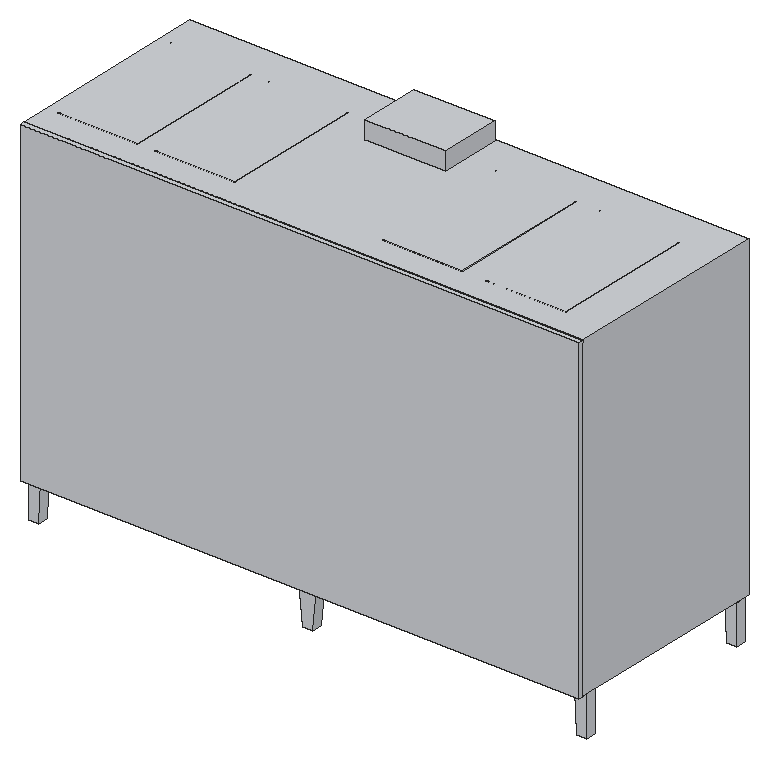
Revit family "AHU 2 _2", category Mechanické zařízení, Revit 2018
Family settings
  Kóta kulaté spojky = Použít průměr
  Typ dílu = Normální
  Číslo OmniClass = 23.75.00.00
  Nadpis OmniClass = Climate Control (HVAC)
  Založené na pracovní rovině = Ne
  Vždy vertikální = Ano
  Ořezat dutým tvarem při načtení = Ne
  Sdílené = Ne
  Bod výpočtu místnosti = Ne
Parameters (values of type "DUPLEXVENT 6500 Multi-V")
  Width [instance] = 1.065 mm
  Weight [instance] = 612.00 kg
  URL = ""
  Type [instance] = "DUPLEXVENT 6500 Multi-V"
  Total_SFP [instance] = 0
  Supply_outlet_hum [instance] = 90
  Supply_inlet_hum [instance] = 90
  Supply_ext_pressure [instance] = 0.0 Pa
  Supply_SFP [instance] = 0
  Source_adu_file [instance] = ""
  Recuperation_type [instance] = "Plate heat recovery exchanger"
  Recuperation_efficiency_EN308 [instance] = 0
  Project_name [instance] = ""
  Project_date [instance] = "9.8.2023"
  Power_supply_fusing [instance] = "0"
  Power_supply_cable [instance] = "0"
  Position [instance] = "AHU 2 "
  Phases_count [instance] = 3
  Panel_thickness [instance] = 0.06 mm
  Outer_surface [instance] = "RAL 9002"
  Length [instance] = 2.8 mm
  Insulation_type [instance] = "PUR"
  Insulation_thickness [instance] = 0.05 mm
  Installation_environment [instance] = ""
  Input_power_max [instance] = 6600 W
  Inner_surface [instance] = "Pozink"
  I2 [instance] = I1  # 0.0 L/s
  Height [instance] = 1.6 mm
  Exhaust_outlet_hum [instance] = 40
  Exhaust_inlet_hum [instance] = 40
  Exhaust_ext_pressure [instance] = 0.0 Pa
  Exhaust_SFP [instance] = 0
  E1 [instance] = E2 - M1  # 0.0 L/s
  E2 [instance] = 0.0 L/s
  I1 [instance] = 0.0 L/s
  Description = ""
  M1 [instance] = 0.0 L/s
  Device_dutypoint_version [instance] = "0"
  Device_design_version [instance] = "9"
  Device_adu_id [instance] = "2"
  Current_max [instance] = 10.8 A
  Casing_mat [instance] = "painted zinc layer"
  Cable type [instance] = "CYKY 5Jx2,5"
Reference planes
  plane 1 "Střed (vpředu/vzadu)": y = 0
  plane 2 "ref": z = 0
  plane 3 "Střed (vlevo/vpravo)": x = 0
Forms (mm)
  Sweep 1, solid
    path origin (0, 0, 0) x (0, 0, 1) y (1, 0, 0)
      loop
        line (0, 0) -> (1600, 0)
    profile origin (0, 0, 0) x (1, 0, 0) y (0, 1, 0)
      loop
        line (0, 0) -> (2800, 0) -> (2800, 1035) -> (0, 1035) -> (0, 0)
  Sweep 2, solid
    path origin (745, 490, 1599) x (0, 0, 1) y (1, 0, 0)
      loop
        line (0, 0) -> (1, 0)
    profile origin (745, 490, 1599) x (1, 0, 0) y (0, 1, 0)
      loop
        line (-200, -355) -> (200, -355) -> (200, 355) -> (-200, 355) -> (-200, -355)
  Sweep 3, solid
    path origin (2405, 490, 1599) x (0, 0, 1) y (1, 0, 0)
      loop
        line (0, 0) -> (1, 0)
    profile origin (2405, 490, 1599) x (1, 0, 0) y (0, 1, 0)
      loop
        line (-200, -355) -> (200, -355) -> (200, 355) -> (-200, 355) -> (-200, -355)
  Sweep 4, solid
    path origin (1885, 490, 1599) x (0, 0, 1) y (1, 0, 0)
      loop
        line (0, 0) -> (1, 0)
    profile origin (1885, 490, 1599) x (1, 0, 0) y (0, 1, 0)
      loop
        line (-200, -355) -> (200, -355) -> (200, 355) -> (-200, 355) -> (-200, -355)
  Sweep 5, solid
    path origin (255, 490, 1599) x (0, 0, 1) y (1, 0, 0)
      loop
        line (0, 0) -> (1, 0)
    profile origin (255, 490, 1599) x (1, 0, 0) y (0, 1, 0)
      loop
        line (-200, -355) -> (200, -355) -> (200, 355) -> (-200, 355) -> (-200, -355)
  Sweep 6, solid
    path origin (1250, 308, 0) x (0, -1, 0) y (0, 0, 1)
      loop
        line (0, 0) -> (0, -142)
    profile origin (1250, 308, 0) x (-1, 0, 0) y (0, -1, 0)
      loop
        circle (0, 0) r 8
  Sweep 7, solid
    path origin (1258, 308, -150) x (0, 0, -1) y (1, 0, 0)
      loop
        line (0, 0) -> (0, 14)
    profile origin (1258, 308, -150) x (0, 0, 1) y (0, -1, 0)
      loop
        circle (0, 0) r 8
  Sweep 8, solid
    path origin (1280, 308, -142) x (0, -1, 0) y (0, 0, 1)
      loop
        line (0, 0) -> (0, 59)
    profile origin (1280, 308, -142) x (0, 1, 0) y (-1, 0, 0)
      loop
        circle (0, 0) r 8
  Sweep 9, solid
    path origin (1288, 308, -75) x (0, 0, -1) y (1, 0, 0)
      loop
        line (0, 0) -> (0, 22)
    profile origin (1288, 308, -75) x (0, 0, 1) y (0, -1, 0)
      loop
        circle (0, 0) r 8
  Sweep 10, solid
    path origin (1796, 308, 0) x (0, -1, 0) y (0, 0, 1)
      loop
        line (0, 0) -> (0, -142)
    profile origin (1796, 308, 0) x (-1, 0, 0) y (0, -1, 0)
      loop
        circle (0, 0) r 8
  Sweep 11, solid
    path origin (1804, 308, -150) x (0, 0, -1) y (1, 0, 0)
      loop
        line (0, 0) -> (0, 14)
    profile origin (1804, 308, -150) x (0, 0, 1) y (0, -1, 0)
      loop
        circle (0, 0) r 8
  Sweep 12, solid
    path origin (1826, 308, -142) x (0, -1, 0) y (0, 0, 1)
      loop
        line (0, 0) -> (0, 59)
    profile origin (1826, 308, -142) x (0, 1, 0) y (-1, 0, 0)
      loop
        circle (0, 0) r 8
  Sweep 13, solid
    path origin (1834, 308, -75) x (0, 0, -1) y (1, 0, 0)
      loop
        line (0, 0) -> (0, 22)
    profile origin (1834, 308, -75) x (0, 0, 1) y (0, -1, 0)
      loop
        circle (0, 0) r 8
  Sweep 14, solid
    path origin (0, 0, 0) x (0, 0, 1) y (1, 0, 0)
      loop
        line (0, 0) -> (1600, 0)
    profile origin (0, 0, 0) x (1, 0, 0) y (0, 1, 0)
      loop
        line (0, -30) -> (2800, -30) -> (2800, -5) -> (0, -5) -> (0, -30)
  Sweep 15, solid
    path origin (25, 75, 0) x (1, 0, 0) y (0, 1, 0)
      loop
        line (0, 0) -> (0, -50)
    profile origin (25, 75, 0) x (1, 0, 0) y (0, 0, 1)
      loop
        line (-25, 0) -> (-25, -200) -> (25, -200) -> (35, 0) -> (-25, 0)
  Sweep 16, solid
    path origin (2775, 75, 0) x (1, 0, 0) y (0, 1, 0)
      loop
        line (0, 0) -> (0, -50)
    profile origin (2775, 75, 0) x (1, 0, 0) y (0, 0, 1)
      loop
        line (-35, 0) -> (-25, -200) -> (25, -200) -> (25, 0) -> (-35, 0)
  Sweep 17, solid
    path origin (25, 1010, 0) x (1, 0, 0) y (0, 1, 0)
      loop
        line (0, 0) -> (0, -50)
    profile origin (25, 1010, 0) x (1, 0, 0) y (0, 0, 1)
      loop
        line (-25, 0) -> (-25, -200) -> (25, -200) -> (35, 0) -> (-25, 0)
  Sweep 18, solid
    path origin (2775, 1010, 0) x (1, 0, 0) y (0, 1, 0)
      loop
        line (0, 0) -> (0, -50)
    profile origin (2775, 1010, 0) x (1, 0, 0) y (0, 0, 1)
      loop
        line (-35, 0) -> (-25, -200) -> (25, -200) -> (25, 0) -> (-35, 0)
  Sweep 19, solid
    path origin (1400, 75, 0) x (1, 0, 0) y (0, 1, 0)
      loop
        line (0, 0) -> (0, -50)
    profile origin (1400, 75, 0) x (1, 0, 0) y (0, 0, 1)
      loop
        line (-45, 0) -> (-25, -200) -> (25, -200) -> (45, 0) -> (-45, 0)
  Sweep 20, solid
    path origin (1400, 1010, 0) x (1, 0, 0) y (0, 1, 0)
      loop
        line (0, 0) -> (0, -50)
    profile origin (1400, 1010, 0) x (1, 0, 0) y (0, 0, 1)
      loop
        line (-45, 0) -> (-25, -200) -> (25, -200) -> (45, 0) -> (-45, 0)
  Sweep 21, solid
    path origin (0, 0, 1600) x (0, 0, 1) y (1, 0, 0)
      loop
        line (0, 0) -> (90, 0)
    profile origin (0, 0, 1600) x (1, 0, 0) y (0, 1, 0)
      loop
        line (1130, 720) -> (1535, 720) -> (1535, 1025) -> (1130, 1025) -> (1130, 720)
  Sweep 22, solid
    path origin (1130, 873, 1645) x (0, 0, -1) y (1, 0, 0)
      loop
        line (0, 0) -> (0, -1)
    profile origin (1130, 873, 1645) x (0, 0, -1) y (0, -1, 0)
      loop
        circle (0, 0) r 10
Lines and regions (mm)
  model lines, style "Symbol"
    curve 1: line (1400, -30, 1600) -> (1400, -30, 960)
    curve 2: line (700, -30, 1600) -> (700, -30, 480)
    curve 3: line (700, -30, 480) -> (920, -30, 480)
    curve 4: line (2100, -30, 1600) -> (2100, -30, 480)
    curve 5: line (2100, -30, 480) -> (1880, -30, 480)
    curve 6: line (920, -30, 480) -> (1160, -30, 960)
    curve 7: line (1160, -30, 960) -> (1640, -30, 960)
    curve 8: line (1640, -30, 960) -> (1880, -30, 480)
    curve 9: line (1880, -30, 480) -> (1640, -30, 0)
    curve 10: line (1640, -30, 0) -> (1400, -30, 0)
    curve 11: line (1400, -30, 0) -> (1160, -30, 0)
    curve 12: line (1160, -30, 0) -> (920, -30, 480)
    curve 13: line (2308, -30, 1140) -> (2362, -30, 1460)
    curve 14: line (2592, -30, 1140) -> (2538, -30, 1460)
    curve 15: line (208, -30, 1140) -> (262, -30, 1460)
    curve 16: line (492, -30, 1140) -> (438, -30, 1460)
    curve 17: line (770, -30, 1280) -> (1330, -30, 1280)
    curve 18: line (1330, -30, 1280) -> (1330, -30, 1120)
    curve 19: line (1330, -30, 1120) -> (770, -30, 1120)
    curve 20: line (770, -30, 1120) -> (770, -30, 1280)
    curve 21: line (770, -30, 1200) -> (1050, -30, 1120)
    curve 22: line (1330, -30, 1200) -> (1050, -30, 1120)
    curve 23: line (1470, -30, 1280) -> (2030, -30, 1280)
    curve 24: line (2030, -30, 1280) -> (2030, -30, 1120)
    curve 25: line (2030, -30, 1120) -> (1470, -30, 1120)
    curve 26: line (1470, -30, 1120) -> (1470, -30, 1280)
    curve 27: line (1470, -30, 1200) -> (1750, -30, 1120)
    curve 28: line (2030, -30, 1200) -> (1750, -30, 1120)
    curve 29: line (797, -30, 554) -> (1015, -30, 982)
    curve 30: line (1015, -30, 982) -> (1139, -30, 918)
    curve 31: line (1139, -30, 918) -> (921, -30, 490)
    curve 32: line (921, -30, 490) -> (797, -30, 554)
    curve 33: line (936, -30, 797) -> (1087, -30, 846)
    curve 34: line (849, -30, 626) -> (1000, -30, 675)
    curve 35: line (0, 1035, -200) -> (0, 1035, 0)
    curve 36: line (2800, 1035, -200) -> (2800, 1035, 0)
    curve 37: line (0, 1035, -200) -> (2800, 1035, -200)
    curve 38: line (0, 0, -200) -> (0, 0, 0)
    curve 39: line (2800, 0, -200) -> (2800, 0, 0)
    curve 40: line (0, 0, -200) -> (2800, 0, -200)
    curve 41: line (0, 1035, -200) -> (0, 0, -200)
    curve 42: line (2800, 1035, -200) -> (2800, 0, -200)
    curve 43: line (0, 200, -200) -> (200, 0, -200)
    curve 44: line (0, 400, -200) -> (400, 0, -200)
    curve 45: line (0, 600, -200) -> (600, 0, -200)
    curve 46: line (0, 800, -200) -> (800, 0, -200)
    curve 47: line (0, 1000, -200) -> (1000, 0, -200)
    curve 48: line (165, 1035, -200) -> (1200, 0, -200)
    curve 49: line (365, 1035, -200) -> (1400, 0, -200)
    curve 50: line (565, 1035, -200) -> (1600, 0, -200)
    curve 51: line (765, 1035, -200) -> (1800, 0, -200)
    curve 52: line (965, 1035, -200) -> (2000, 0, -200)
    curve 53: line (1165, 1035, -200) -> (2200, 0, -200)
    curve 54: line (1365, 1035, -200) -> (2400, 0, -200)
    curve 55: line (1565, 1035, -200) -> (2600, 0, -200)
    curve 56: line (1765, 1035, -200) -> (2800, 0, -200)
    curve 57: line (1965, 1035, -200) -> (2800, 200, -200)
    curve 58: line (2165, 1035, -200) -> (2800, 400, -200)
    curve 59: line (2365, 1035, -200) -> (2800, 600, -200)
    curve 60: line (2565, 1035, -200) -> (2800, 800, -200)
    curve 61: line (2765, 1035, -200) -> (2800, 1000, -200)
    curve 62: line (2800, 200, -200) -> (2800, 0, 0)
    curve 63: line (2800, 400, -200) -> (2800, 200, 0)
    curve 64: line (2800, 600, -200) -> (2800, 400, 0)
    curve 65: line (2800, 800, -200) -> (2800, 600, 0)
    curve 66: line (2800, 1000, -200) -> (2800, 800, 0)
    curve 67: line (2800, 1035, -35) -> (2800, 1000, 0)
    curve 68: line (0, 0, 0) -> (200, 0, -200)
    curve 69: line (200, 0, 0) -> (400, 0, -200)
    curve 70: line (400, 0, 0) -> (600, 0, -200)
    curve 71: line (600, 0, 0) -> (800, 0, -200)
    curve 72: line (800, 0, 0) -> (1000, 0, -200)
    curve 73: line (1000, 0, 0) -> (1200, 0, -200)
    curve 74: line (1200, 0, 0) -> (1400, 0, -200)
    curve 75: line (1400, 0, 0) -> (1600, 0, -200)
    curve 76: line (1600, 0, 0) -> (1800, 0, -200)
    curve 77: line (1800, 0, 0) -> (2000, 0, -200)
    curve 78: line (2000, 0, 0) -> (2200, 0, -200)
    curve 79: line (2200, 0, 0) -> (2400, 0, -200)
    curve 80: line (2400, 0, 0) -> (2600, 0, -200)
    curve 81: line (2600, 0, 0) -> (2800, 0, -200)
    curve 82: line (0, 0, 2180) -> (0, 0, 1600)
    curve 83: line (2800, 0, 2180) -> (2800, 0, 1600)
    curve 84: line (0, 0, 2180) -> (2800, 0, 2180)
    curve 85: line (0, 1035, 2180) -> (0, 1035, 1600)
    curve 86: line (2800, 1035, 2180) -> (2800, 1035, 1600)
    curve 87: line (0, 1035, 2180) -> (2800, 1035, 2180)
    curve 88: line (0, 0, 2180) -> (0, 1035, 2180)
    curve 89: line (2800, 0, 2180) -> (2800, 1035, 2180)
    curve 90: line (0, 835, 2180) -> (200, 1035, 2180)
    curve 91: line (0, 635, 2180) -> (400, 1035, 2180)
    curve 92: line (0, 435, 2180) -> (600, 1035, 2180)
    curve 93: line (0, 235, 2180) -> (800, 1035, 2180)
    curve 94: line (0, 35, 2180) -> (1000, 1035, 2180)
    curve 95: line (165, 0, 2180) -> (1200, 1035, 2180)
    curve 96: line (365, 0, 2180) -> (1400, 1035, 2180)
    curve 97: line (565, 0, 2180) -> (1600, 1035, 2180)
    curve 98: line (765, 0, 2180) -> (1800, 1035, 2180)
    curve 99: line (965, 0, 2180) -> (2000, 1035, 2180)
    curve 100: line (1165, 0, 2180) -> (2200, 1035, 2180)
    curve 101: line (1365, 0, 2180) -> (2400, 1035, 2180)
    curve 102: line (1565, 0, 2180) -> (2600, 1035, 2180)
    curve 103: line (1765, 0, 2180) -> (2800, 1035, 2180)
    curve 104: line (1965, 0, 2180) -> (2800, 835, 2180)
    curve 105: line (2165, 0, 2180) -> (2800, 635, 2180)
    curve 106: line (2365, 0, 2180) -> (2800, 435, 2180)
    curve 107: line (2565, 0, 2180) -> (2800, 235, 2180)
    curve 108: line (2765, 0, 2180) -> (2800, 35, 2180)
    curve 109: line (2800, 835, 2180) -> (2800, 1035, 1980)
    curve 110: line (2800, 635, 2180) -> (2800, 1035, 1780)
    curve 111: line (2800, 435, 2180) -> (2800, 1015, 1600)
    curve 112: line (2800, 235, 2180) -> (2800, 815, 1600)
    curve 113: line (2800, 35, 2180) -> (2800, 615, 1600)
    curve 114: line (2800, 0, 2015) -> (2800, 415, 1600)
    curve 115: line (2800, 0, 1815) -> (2800, 215, 1600)
    curve 116: line (2800, 0, 1615) -> (2800, 15, 1600)
    curve 117: line (0, 1035, 1980) -> (200, 1035, 2180)
    curve 118: line (0, 1035, 1780) -> (400, 1035, 2180)
    curve 119: line (20, 1035, 1600) -> (600, 1035, 2180)
    curve 120: line (220, 1035, 1600) -> (800, 1035, 2180)
    curve 121: line (420, 1035, 1600) -> (1000, 1035, 2180)
    curve 122: line (620, 1035, 1600) -> (1200, 1035, 2180)
    curve 123: line (820, 1035, 1600) -> (1400, 1035, 2180)
    curve 124: line (1020, 1035, 1600) -> (1600, 1035, 2180)
    curve 125: line (1220, 1035, 1600) -> (1800, 1035, 2180)
    curve 126: line (1420, 1035, 1600) -> (2000, 1035, 2180)
    curve 127: line (1620, 1035, 1600) -> (2200, 1035, 2180)
    curve 128: line (1820, 1035, 1600) -> (2400, 1035, 2180)
    curve 129: line (2020, 1035, 1600) -> (2600, 1035, 2180)
    curve 130: line (2220, 1035, 1600) -> (2800, 1035, 2180)
    curve 131: line (2420, 1035, 1600) -> (2800, 1035, 1980)
    curve 132: line (2620, 1035, 1600) -> (2800, 1035, 1780)
    curve 133: line (0, -30, 0) -> (0, -30, 1600)
    curve 134: line (0, -30, 1600) -> (1120, -30, 1600)
    curve 135: line (1120, -30, 1600) -> (1120, -30, 0)
    curve 136: line (1120, -30, 0) -> (0, -30, 0)
    curve 137: line (1680, -30, 0) -> (1680, -30, 1600)
    curve 138: line (1680, -30, 1600) -> (2800, -30, 1600)
    curve 139: line (2800, -30, 1600) -> (2800, -30, 0)
    curve 140: line (2800, -30, 0) -> (1680, -30, 0)
    curve 141: line (0, -30, 0) -> (2800, -30, 0)
    curve 142: line (0, -30, 1600) -> (2800, -30, 1600)
    curve 143: line (0, -30, 0) -> (0, -30, 1600)
    curve 144: line (2800, -30, 0) -> (2800, -30, 1600)
    curve 145: line (0, -30, 0) -> (0, -5, 0)
    curve 146: line (2800, -30, 0) -> (2800, -5, 0)
    curve 147: line (0, -30, 1600) -> (0, -5, 1600)
    curve 148: line (2800, -30, 1600) -> (2800, -5, 1600)
    curve 149: circle (2450, -30, 1280) r 200 normal (0, -1, 0)
    curve 150: circle (350, -30, 1280) r 200 normal (0, -1, 0)
    curve 151: circle (1012, -30, 822) r 21 normal (0, -1, 0)
    curve 152: circle (924, -30, 650) r 21 normal (0, -1, 0)
    curve 153: circle (1250, 308, 0) r 8 normal (0, 0, -1)
    curve 154: circle (1250, 308, -142) r 8 normal (0, 0, -1)
    curve 155: circle (1796, 308, 0) r 8 normal (0, 0, -1)
    curve 156: circle (1796, 308, -142) r 8 normal (0, 0, -1)
Dimensions and locks
  aligned and locked: level to plane 2 "ref"
Connectors
  hvac at (745, 490, 1600), driven by "E1"
    settings: on Sweep 2, index 1, duct flow 0.0 L/s, flow factor 0, pres drop 0.0 Pa, loss coef 0, conn angle 0.00°, conn width 710 mm, conn height 400 mm, conn diameter 609.6 mm, duct sys type 1, conn prof type 1, flow config 1, flow direction 1, loss method 0, conn ref index -1, conn util no, is conn primary yes, conn desc ""
  hvac at (2405, 490, 1600), driven by "E2"
    settings: on Sweep 3, index 2, duct flow 0.0 L/s, flow factor 1, pres drop 0.0 Pa, loss coef 0, conn angle 0.00°, conn width 710 mm, conn height 400 mm, conn diameter 609.6 mm, duct sys type 1, conn prof type 1, flow config 2, flow direction 2, loss method 0, conn ref index -1, conn util no, is conn primary no, conn desc ""
  hvac at (1885, 490, 1600), driven by "I1"
    settings: on Sweep 4, index 3, duct flow 0.0 L/s, flow factor 1, pres drop 0.0 Pa, loss coef 0, conn angle 0.00°, conn width 710 mm, conn height 400 mm, conn diameter 609.6 mm, duct sys type 3, conn prof type 1, flow config 2, flow direction 1, loss method 0, conn ref index -1, conn util no, is conn primary no, conn desc ""
  hvac at (255, 490, 1600), driven by "I2"
    settings: on Sweep 5, index 4, duct flow 0.0 L/s, flow factor 0, pres drop 0.0 Pa, loss coef 0, conn angle 0.00°, conn width 710 mm, conn height 400 mm, conn diameter 609.6 mm, duct sys type 3, conn prof type 1, flow config 1, flow direction 2, loss method 0, conn ref index -1, conn util no, is conn primary no, conn desc ""
  piping at (1310, 308, -75), diameter 40
    settings: on Sweep 9, index 5, connector inside diameter 609.6 mm, connector length 0 mm, flow factor 0, pipe flow 0.0 L/s, pressure drop 0.0 Pa, fitting loss kfactor 0, connector angle 0.00°, fixture units 0, engagement length 0 mm, angle of deflection 0.00°, flow configuration 1, flow direction 2, fitting loss method 0, system type 16, joint type 0, gender type 0, connector reference index -1, connector utility 0, adjustable connector no, is connector primary yes, connector description ""
  piping at (1856, 308, -75), diameter 40
    settings: on Sweep 13, index 6, connector inside diameter 609.6 mm, connector length 0 mm, flow factor 0, pipe flow 0.0 L/s, pressure drop 0.0 Pa, fitting loss kfactor 0, connector angle 0.00°, fixture units 0, engagement length 0 mm, angle of deflection 0.00°, flow configuration 1, flow direction 2, fitting loss method 0, system type 16, joint type 0, gender type 0, connector reference index -1, connector utility 0, adjustable connector no, is connector primary no, connector description ""
  electrical at (1129, 873, 1645)
    settings: on Sweep 22, index 7, voltage 400 V, apparent load 0 VA, apparent load phase1 0 VA, apparent load phase2 0 VA, apparent load phase3 0 VA, power factor 1, load classification "Další", number of poles 3, system type 31, power factor state 1, is connector primary yes, connector utility no, sub classification motor no, connector description ""
